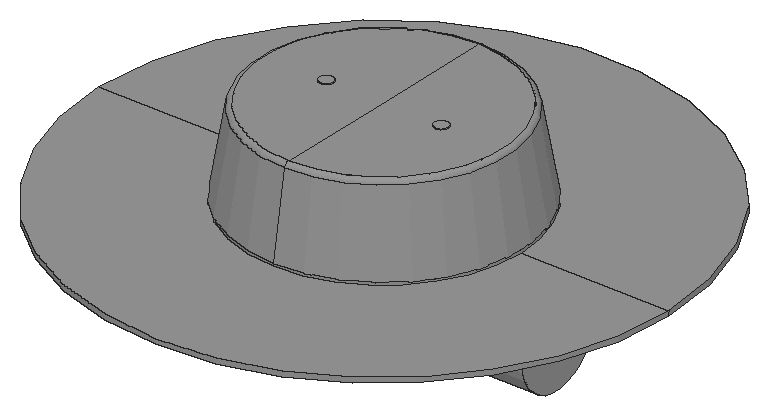
Revit family "HL_RU_Roof drain_HL64HPower-B-221103", category Sanitärinstallationen, Revit 2020
Family settings
  Bemaßung runder Anschluss = Durchmesser verwenden
  Teiletyp = Normal
  OmniClass-Nummer = 23.70.50.21.24.14
  OmniClass-Titel = Deck Waste Water Drains
  Arbeitsebenenbasiert = Nein
  Immer vertikal = Ja
  Beim Laden mit Abzugskörper schneiden = Nein
  Gemeinsam genutzt = Nein
  Raumberechnungspunkt = Ja
Parameters (values of type "HL_Кровельная воронка_HL64HPower")
  РЕШЁТКА = "Laubfangkorb d 262 mm"
  РАЗМЕР = "DN75"
  ПРОПУСКНАЯ СПОСОБНОСТЬ [instance] = 0.0 L/s
  ПРАВОВАЯ ИНФОРМАЦИЯ = "Авторские права(©), права на дизайн или какие либо другие права интелектуальной собственности являются исключительной собственностью компании HL Hutterer & Lechner. Изменению не подлежит. Файл семейства с данными о прозводителе изделия защищен паролем с водяным знаком."
  НОМИНАЛЬНЫЙ ДИАМЕТР = 75 mm
  МАТЕРИАЛ = "PP"
  ВЫСОТА МОНТАЖА = "93 mm"
  ВЕС = "3,817 [kg]"
  Vorgabe-Ansicht = 0 mm
  Hersteller = "HL Hutterer & Lechner GmbH"  # constant formula
  URL = "http://www.hutterer-lechner.com/ru/products/catalog/roof-drains/HL64HPower.aspx"
  Материал плитка [instance] = none
  Lüftungsverbindung = no
  Abwasserrohrverbindung = yes
  HW-Verbindung = no
  KW-Verbindung = no
  Beschreibung = "Кровельные воронки"
  Model = "HL64HPower"
  Assembly Code = " "
  Typenkommentare = "HL64HPower Power Střešní vtok DN75, ležatý, s asfaltovou manžetou, záchytný koš,"
  Keynote = "HL64HPower"
  Bысота монтажа [instance] = 0 mm  # constant formula
  G [instance] = 90.00°  # constant formula
  EAN = "9003076040797"
  D [instance] = 150 mm  # constant formula
  C [instance] = if(Bысота монтажа - 68 mm < 0 mm, 0 mm, Bысота монтажа - 68 mm)  # 0 mm
  B [instance] = Bысота монтажа + 60 mm  # 60 mm
  A [instance] = if(B - 100 mm > 15 mm, B - 100 mm, 15 mm)  # 15 mm
Reference planes
  plane 1 "Center (Front/Back)": y = 0
  plane 2: z = 0
  plane 3 "Center (Left/Right)": x = 0
  plane 4: z = -60
  plane 5: z = 0
Lines and regions (mm)
  model lines, style "InvisibleLines"
    curve 1: line (0, 0, 0) -> (0, 0, 20)
  model lines, style "PlumbingFixtures", detail levels coarse+medium
    curve 2: line (0, 0, -60) -> (0, 0, -45)
    curve 3: line (0, 0, -45) -> (-45, 0, 0)
    curve 4: line (0, 0, -45) -> (45, 0, 0)
    curve 6: line (0, 0, -60) -> (150, 0, -60)
  reference lines, not visible
    curve 5: line (0, 0, -60) -> (150, 0, -60)
  symbolic lines, style "PlumbingFixtures", detail levels coarse+medium
    curve 7: line (-75, 75, 0) -> (75, 75, 0)
    curve 8: line (-75, -75, 0) -> (-75, 75, 0)
    curve 9: line (75, -75, 0) -> (-75, -75, 0)
    curve 10: line (75, 75, 0) -> (75, -75, 0)
    curve 11: line (-75, 75, 0) -> (-145.711, 145.711, 0)
    curve 12: line (75, 75, 0) -> (145.711, 145.711, 0)
    curve 13: line (-75, -75, 0) -> (-145.711, -145.711, 0)
    curve 14: line (75, -75, 0) -> (145.711, -145.711, 0)
  symbolic lines, style "PlumbingFixtures", not visible, detail levels coarse+medium
    curve 15: line (-75, 75, 0) -> (75, 75, 0)
    curve 16: line (-75, -75, 0) -> (-75, 75, 0)
    curve 17: line (75, -75, 0) -> (-75, -75, 0)
    curve 18: line (75, 75, 0) -> (75, -75, 0)
    curve 19: line (-75, 75, 0) -> (-145.711, 145.711, 0)
    curve 20: line (75, 75, 0) -> (145.711, 145.711, 0)
    curve 21: line (-75, -75, 0) -> (-145.711, -145.711, 0)
    curve 22: line (75, -75, 0) -> (145.711, -145.711, 0)
Text (mm)
  text "FLOOR" at (-162.344, 0, -10.979), in view "Drain Construction View"
Dimensions and locks
  "B": plane 2 to plane 4
  "Bысота монтажа": plane 2 to plane 5
  "A": curve 4 to plane 4
  "D": curve 5 to curve 5
  "D": curve 6 to curve 6
  locked: curve 4 to plane 3 "Center (Left/Right)" (angle 45.00°)
  locked: plane 3 "Center (Left/Right)" to curve 3 (angle 45.00°)
  "G": angle curve 5 to plane 3 "Center (Left/Right)"
  aligned and locked: level to plane 2
  aligned and locked: plane 2 to curve 4
  aligned and locked: plane 2 to curve 3
  aligned and locked: plane 4 to curve 5
  aligned and locked: plane 3 "Center (Left/Right)" to curve 5
  aligned and locked: plane 4 to curve 2
  aligned and locked: plane 3 "Center (Left/Right)" to curve 6
  aligned and locked: plane 4 to curve 6
  aligned and locked: nested 1 to plane 5
  aligned and locked: plane 3 "Center (Left/Right)" to nested 1
  aligned and locked: plane 2 to nested 2
  aligned and locked: plane 3 "Center (Left/Right)" to nested 2
Automatic sketch dimensions
  curve 2 to plane 3 "Center (Left/Right)" = 0 mm
  curve 1 to plane 3 "Center (Left/Right)" = 0 mm
  curve 1 to level = 0 mm
  curve 1 to curve 1 = 20 mm
Nested families
  nested 1: "HL_кровельные воронки - корпус_HL64HPower" at (0, 0, -4.5), type "HL_кровельные воронки - корпус_HL64HPower"
  nested 2: "HL_Вспомогательные материалы-Противопожарная защита_HL062.1EPower" at (0, 0, 2), type "HL_Вспомогательные материалы-Противопожарная защита_HL062.1EPower"
Connectors
  piping at (150, 0, -60), diameter 75, driven by "ПРОПУСКНАЯ СПОСОБНОСТЬ", driven by "НОМИНАЛЬНЫЙ ДИАМЕТР"
    settings: on curve 5, index 1, connector inside diameter 609.6 mm, connector length 0 mm, flow factor 0, pipe flow 0.0 L/s, pressure drop 0.0 Pa, fitting loss kfactor 0, connector angle 0.00°, fixture units 0, engagement length 0 mm, angle of deflection 0.00°, flow configuration 1, flow direction 2, fitting loss method 0, system type 16, joint type 0, gender type 0, connector reference index -1, connector utility 0, adjustable connector yes, is connector primary yes, connector description ""
Definition of nested family "HL_кровельные воронки - корпус_HL64HPower"
  Parameters (values of type "HL_кровельные воронки - корпус_HL64HPower")
    НОМИНАЛЬНЫЙ ДИАМЕТР = 50 mm
    Default Elevation = 0 mm
    Manufacturer = ""
    URL = ""
    Description = ""
    Model = ""
    Type Comments = ""
    Cost = 0
  Reference planes
    plane 1 "Střed (vpředu/vzadu)": y = 0
    plane 2: z = 0
    plane 3 "Střed (vlevo/vpravo)": x = 0
  Forms (mm)
    Revolve 1, solid, detail levels fine
      sketch origin (0, 0, 0) x (1, 0, 0) y (0, 0, 1)
        loop
          line (0, -92.5) -> (0, -31.5) -> (-77.001, -31.5) -> (-77.001, -23) -> (-79.001, -23) -> (-79.001, 0) -> (-180, 0) -> (-180, -3.5) -> (-84.001, -3.5) -> (-84.001, -35.5) -> (-67.016, -35.5) -> (-36.709, -92.5) -> (0, -92.5)
        axis (0, -92.5) -> (0, 0)
      angle from 0 to 360
    Extrusion 2, solid, detail levels fine
      sketch origin (0, 0, 0) x (0, 1, 0) y (0, 0, 1)
        loop
          circle (0, -55) r 37.5
      from 0 to 150
    Revolve 3, void
      sketch origin (0, 0, 0) x (1, 0, 0) y (0, 0, 1)
        loop
          line (0, 0) -> (-77.001, 0) -> (-79.001, 0) -> (-79.001, -23) -> (-77.001, -23) -> (-77.001, -31.5) -> (0, -31.5) -> (0, 0)
        axis (0, 0) -> (0, -31.5)
      angle from 0 to 360
    Revolve 4, solid, detail levels fine
      sketch origin (0, 0, 0) x (1, 0, 0) y (0, 0, 1)
        loop
          line (-79.001, 4.5) -> (-247.5, 4.5) -> (-247.5, 0) -> (-79.001, 0) -> (-79.001, 4.5)
        axis (0, 4.5) -> (0, 0)
      angle from 0 to 360
  Cuts and joins
    Revolve 3 cuts Revolve 1
    Revolve 3 cuts Extrusion 2
  Dimensions and locks
    aligned and locked: level to plane 2
Definition of nested family "HL_Вспомогательные материалы-Противопожарная защита_HL062.1EPower"
  Parameters (values of type "HL_Вспомогательные материалы-Противопожарная защита_HL062.1EPower")
    РЕШЁТКА = "Laubfangkorb d 262 mm"
    ПРАВОВАЯ ИНФОРМАЦИЯ = "Авторские права(©), права на дизайн или какие либо другие права интелектуальной собственности являются исключительной собственностью компании HL Hutterer & Lechner. Изменению не подлежит. Файл семейства с данными о прозводителе изделия защищен паролем с водяным знаком."
    МАТЕРИАЛ = "PP"
    ВЕС = "0,715 [kg]"
    Default Elevation = 0 mm
    Manufacturer = "HL Hutterer & Lechner GmbH"
    URL = "http://www.hutterer-lechner.com/ru/products/catalog/roof-drains/HL062.1EPower.aspx"
    Материал плитка = none
    Description = "Кровельные воронки"
    Model = "HL062.1EPower"
    Type Comments = "HL062.1EPower, Листвоуловитель"
    Keynote = "HL062.1EPower"
    Пропускная способность [instance] = 0.0 L/s
    EAN = "9003076040490"
    Cost = 0
  Values of the unnamed type that differ from the named types
    ПРАВОВАЯ ИНФОРМАЦИЯ = ""
    Manufacturer = ""
    URL = ""
    Description = ""
    Model = ""
    Type Comments = "HL062.1EPower, Leaf catcher"
    Keynote = ""
  Reference planes
    plane 1 "Střed (vpředu/vzadu)": y = 0
    plane 2: z = 0
    plane 3 "Střed (vlevo/vpravo)": x = 0
  Forms (mm)
    Revolve 1, solid, detail levels fine
      sketch origin (0, 0, 0) x (0, 1, 0) y (0, 0, 1)
        loop
          line (70.495, -8.5) -> (70.495, -2.5) -> (66.996, -2.5) -> (66.996, -8.508) -> (58.998, -16.506) -> (58.998, -38.5) -> (61.176, -38.5) -> (62.518, -33.49) -> (62.518, -26) -> (77.157, -26) -> (77.157, -22.019)
          arc (77.157, -22.019) -> (80.011, -17.502) -> (77.157, -12.985) r 5.001
          line (77.157, -12.985) -> (77.157, -8.5) -> (70.495, -8.5)
        axis (0, -2.5) -> (0, -38.5)
      angle from 0 to 360
    Revolve 2, solid, detail levels fine
      sketch origin (0, 0, 0) x (0, 1, 0) y (0, 0, 1)
        loop
          arc (107.472, 69.093) -> (105.997, 71.78) -> (103.186, 73) r 4.733
          line (103.186, 73) -> (0, 73) -> (0, 70.25) -> (98.402, 70.25) -> (109.718, 0) -> (109.718, -2) -> (119.5, -2) -> (119.5, 0) -> (107.472, 69.093)
        axis (0, 73) -> (0, -2)
      angle from 0 to 360
    Revolve 3, solid, detail levels fine
      sketch origin (0, 0, 0) x (0, 1, 0) y (0, 0, 1)
        loop
          line (99, 18.5) -> (80.936, 18.5) -> (80.936, 24.5) -> (76.436, 24.5) -> (76.436, 18.5) -> (69.236, 18.5) -> (69.236, 24.5) -> (64.737, 24.5) -> (64.737, 18.5) -> (0, 18.5) -> (0, 13.5) -> (85.938, 13.5) -> (99, 17.04) -> (99, 18.5)
        axis (0, 24.5) -> (0, 13.5)
      angle from 0 to 360
    Extrusion 4, solid, detail levels fine
      sketch origin (0, 0, 18.5) x (0, 1, 0) y (-1, 0, 0)
        loop
          circle (0, 49.989) r 5.75
      from -40 to 38
    Extrusion 5, solid, detail levels fine
      sketch origin (0, 0, 56.5) x (0, 1, 0) y (-1, 0, 0)
        loop
          circle (0, 49.998) r 6.003
      from 0 to 16.5
    Extrusion 6, solid, detail levels fine
      sketch origin (0, 0, 18.5) x (0, 1, 0) y (-1, 0, 0)
        loop
          circle (0, -49.989) r 5.75
      from -40 to 38
    Extrusion 7, solid, detail levels fine
      sketch origin (0, 0, 56.5) x (0, 1, 0) y (-1, 0, 0)
        loop
          circle (0, -49.998) r 6.003
      from 0 to 16.5
    Extrusion 8, solid, detail levels fine
      sketch origin (0, 0, 18.5) x (0, 1, 0) y (-1, 0, 0)
        loop
          circle (62.504, 62.501) r 2.997
      from 0 to 44.5
    Extrusion 9, solid, detail levels fine
      sketch origin (0, -125, 18.5) x (0, 1, 0) y (-1, 0, 0)
        loop
          circle (62.504, 62.501) r 2.997
      from 0 to 44.5
    Extrusion 10, solid, detail levels fine
      sketch origin (125, -125, 18.5) x (0, 1, 0) y (-1, 0, 0)
        loop
          circle (62.504, 62.501) r 2.997
      from 0 to 44.5
    Extrusion 11, solid, detail levels fine
      sketch origin (125, 0, 18.5) x (0, 1, 0) y (-1, 0, 0)
        loop
          circle (62.504, 62.501) r 2.997
      from 0 to 44.5
    Extrusion 12, solid, detail levels fine
      sketch origin (0, 0, 0) x (0, 1, 0) y (0, 0, 1)
        loop
          line (77.009, 13.5) -> (39, 13.5) -> (47.949, -2) -> (77.009, -2) -> (77.009, 13.5)
        loop
          line (-77.009, 13.5) -> (-77.009, -2) -> (-47.949, -2) -> (-39, 13.5) -> (-77.009, 13.5)
      from -2.8 to 2.8
    Extrusion 13, solid, detail levels fine
      sketch origin (0, 0, 0) x (1, 0, 0) y (0, 0, 1)
        loop
          line (-77.026, -2) -> (-55.066, -2) -> (-55.066, 13.5) -> (-77.026, 13.5) -> (-77.026, -2)
        loop
          line (77.026, -2) -> (77.026, 13.5) -> (55.066, 13.5) -> (55.066, -2) -> (77.026, -2)
      from -2.8 to 2.8
  Dimensions and locks
    aligned and locked: level to plane 2
